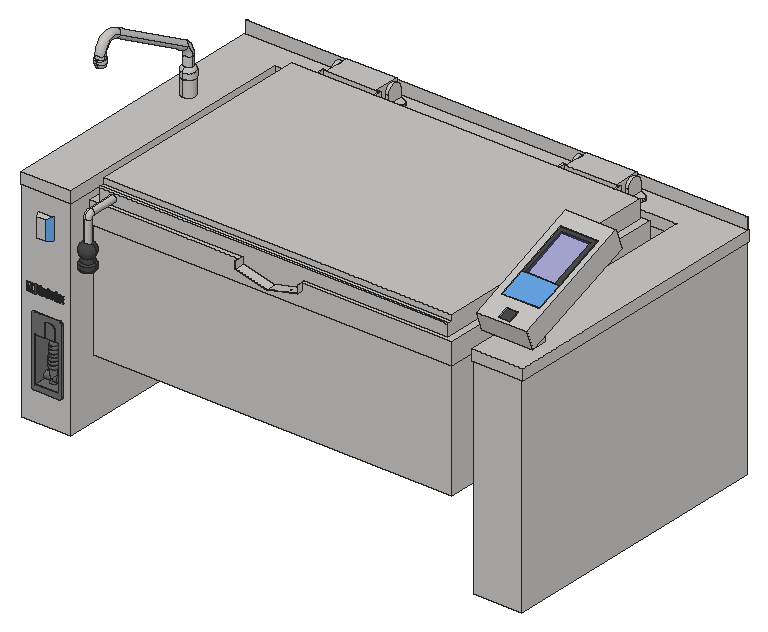
Revit family "QF_ELECTROLUXPROFESSIONAL_586296_PFET17ELEX", category Attrezzature speciali, Revit 2023
Family settings
  Quota connettore circolare = Usa raggio
  Tipo di parte = Normale
  Basato su piano di lavoro = No
  Attiva taglio nelle viste = No
  Sempre verticale = Sì
  Taglio con vuoti quando caricato = No
  Mantieni orientamento annotazione = No
  Condiviso = Sì
  Punto di calcolo locali = No
Parameters (values of type "Standard")
  Weight = 300.00 kg
  Watts = 0 W
  Volts = 400 V
  URL Manufacturer = "http://professional.electrolux.com"
  URL = "http://professional.electrolux.com"
  Steam Supply Size = 0"
  Steam Supply Minimum Pressure = 0.00 psi
  Steam Supply Maximum Pressure = 0.00 psi
  Steam Pounds per Hour = 0
  Show Logo [instance] = yes
  Refrigeration Suction Line Size = 0"
  Refrigeration Liquid Line Size = 0"
  Refrigerant Compressor Remote = yes
  Prospetto di default = 0.00 mm
  Plinth Base Finish [instance] = QF_Finishes_Concrete
  Plinth Base [instance] = not(Base Height = 500.00 mm)  # yes
  Phase = 3
  Modello = "PFET17ELES"
  Produttore = "Electrolux Professional"
  Length Actual = 1600.00 mm  # constant formula
  Item Number = "586957"
  Hot Water Size = 1/2"
  Height Actual = 700.00 mm  # constant formula
  HP = "27.6 HP"
  Gas Size = 0"
  Gas KW = 0
  Gas Input Pressure = 0.0 Btu/h
  Direct Waste Size = 0"
  Descrizione = "EL. TILTING BRAISING PAN,AUTO H/C WATER FILL INLET,SPRAY GUN, 170L,H700,COMPOUND,BS,FS,D900,REAR CLS KIT,GUID.COOK.S"
  Depth Actual = 900.00 mm  # constant formula
  Cycle = 50 Hz
  Condensate Return Size = 0"
  Compressed Air Volume = 0 GPM
  Compressed Air Size = 0"
  Compressed Air Pressure = 0.00 psi
  Cold Water Size = 1/2"
  Bracket [instance] = Base Height = 500.00 mm  # no
  Body Finish [instance] = QF_Finishes_Stainless Steel
  Base Height = 200.00 mm
  Show Clearance [instance] = yes
  Assembly Code = ""
  Accessory = yes
Reference planes
  plane 1 "BACK": y = 0
  plane 2: z = 0
  plane 3 "LEFT": x = 0
  plane 4 "RIGHT": x = 1600
  plane 5 "FRONT": y = -900
  plane 6 "TOP": z = 900
  plane 7: z = 200
  plane 8 "Center": x = 800
  plane 9: y = -450
  plane 10: y = -920
  plane 11: z = 1845
  plane 12: y = -971
  plane 13: z = 913.881
Forms (mm)
  Extrusion 1, solid, material "QF_Finishes_Stainless Steel" <- "Body Finish"
    sketch origin (0, 0, 900) x (-1, 0, 0) y (0, -1, 0)
      loop
        line (0, 0) -> (0, 900) -> (-160, 900) -> (-160, 86) -> (-1440, 86) -> (-1440, 900) -> (-1600, 900) -> (-1600, 0) -> (0, 0)
    from 0 to -35
  Extrusion 2, solid, material "QF_Finishes_Stainless Steel" <- "Body Finish"
    sketch origin (0, 0, 0) x (1, 0, 0) y (0, 0, 1)
      loop
        line (157, 865) -> (157, 500) -> (1443, 500) -> (1443, 865) -> (157, 865)
    from 3 to 83
  Extrusion 3, solid, material "QF_Finishes_Stainless Steel" <- "Body Finish"
    sketch origin (0, 0, 0) x (1, 0, 0) y (0, 0, 1)
      loop
        line (230, 454.5) -> (1370, 454.5) -> (1370, 833) -> (230, 833) -> (230, 454.5)
    from 120.7 to 895
  Extrusion 4, solid, material "QF_Finishes_Stainless Steel" <- "Body Finish"
    sketch origin (-975.299, -4572, 900) x (-1, 0, 0) y (0, -1, 0)
      loop
        line (-1300.839, -4446.3) -> (-1304.839, -4446.3) -> (-1304.839, -4467) -> (-1480.839, -4467) -> (-1480.839, -4446.3) -> (-1484.839, -4446.3) -> (-1484.839, -4471) -> (-1472.239, -4471) -> (-1472.239, -4549.945) -> (-1313.239, -4549.945) -> (-1313.239, -4471) -> (-1300.839, -4471) -> (-1300.839, -4446.3)
      loop
        line (-2249.759, -4446.3) -> (-2249.759, -4471) -> (-2237.359, -4471) -> (-2237.359, -4549.945) -> (-2078.359, -4549.945) -> (-2078.359, -4471) -> (-2065.759, -4471) -> (-2065.759, -4446.3) -> (-2069.759, -4446.3) -> (-2069.759, -4467) -> (-2245.759, -4467) -> (-2245.759, -4446.3) -> (-2249.759, -4446.3)
    from 11 to 56
  Extrusion 5, void
    sketch origin (0, -820, 0) x (1, 0, 0) y (0, 0, 1)
      loop
        line (700.793, 900) -> (700.793, 876.744) -> (800.793, 851.202) -> (900.793, 876.744) -> (900.793, 900) -> (700.793, 900)
    from 55.7 to 100
  Extrusion 6, solid, material "QF_Finishes_Stainless Steel" <- "Body Finish"
    sketch origin (337.94, -101, 900) x (0, 1, 0) y (0, 0, -1)
      loop
        line (31, 0) -> (31, -32)
        arc (31, -32) -> (54.973, -55.973) -> (78.945, -32) r 23.973
        line (78.945, -32) -> (78.945, 0) -> (31, 0)
    from 0 to 12.9
  Extrusion 7, solid, material "QF_Finishes_Stainless Steel" <- "Body Finish"
    sketch origin (509.84, -101, 900) x (0, 1, 0) y (0, 0, -1)
      loop
        line (31, 0) -> (31, -32)
        arc (31, -32) -> (54.973, -55.973) -> (78.945, -32) r 23.973
        line (78.945, -32) -> (78.945, 0) -> (31, 0)
    from 0 to 12.9
  Extrusion 8, solid, material "QF_Finishes_Stainless Steel" <- "Body Finish"
    sketch origin (862.06, -101, 900) x (0, 1, 0) y (0, 0, 1)
      loop
        line (31, 0) -> (78.945, 0) -> (78.945, 32)
        arc (78.945, 32) -> (54.973, 55.973) -> (31, 32) r 23.973
        line (31, 32) -> (31, 0)
    from 400 to 412.9
  Extrusion 9, solid, material "QF_Finishes_Stainless Steel" <- "Body Finish"
    sketch origin (690.16, -101, 900) x (0, 1, 0) y (0, 0, 1)
      loop
        line (31, 0) -> (78.945, 0) -> (78.945, 32)
        arc (78.945, 32) -> (54.973, 55.973) -> (31, 32) r 23.973
        line (31, 32) -> (31, 0)
    from 400 to 412.9
  Blend 10, solid, material "QF_Finishes_Stainless Steel" <- "Body Finish"
    base sketch origin (157, -897, 0) x (-1, 0, 0) y (0, 0, -1)
      loop
        line (100.5, -805.4) -> (100.5, -738.6) -> (53.5, -738.6) -> (53.5, -805.4) -> (100.5, -805.4)
    top sketch origin (157, -897, 0) x (-1, 0, 0) y (0, 0, -1)
      loop
        line (90.448, -802.617) -> (90.448, -741.383) -> (63.552, -741.383) -> (63.552, -802.617) -> (90.448, -802.617)
    from 0 to 20.065
  Extrusion 11, solid, material "QF_Finishes_Stainless Steel" <- "Body Finish"
    sketch origin (0, 0, 900) x (-1, 0, 0) y (0, -1, 0)
      loop
        line (-298.768, 36.346) -> (-295.234, 39.408) -> (-293.291, 43.662) -> (-293.291, 47.996) -> (-295.234, 52.592) -> (-298.768, 55.654) -> (-325.04, 70) -> (-325.04, 22) -> (-298.768, 36.346)
      loop
        line (-536.112, 36.346) -> (-509.84, 22) -> (-509.84, 70) -> (-536.112, 55.654) -> (-539.646, 52.592) -> (-541.589, 47.996) -> (-541.589, 43.662) -> (-539.646, 39.408) -> (-536.112, 36.346)
      loop
        line (-1063.888, 36.346) -> (-1060.354, 39.408) -> (-1058.411, 43.662) -> (-1058.411, 47.996) -> (-1060.354, 52.592) -> (-1063.888, 55.654) -> (-1090.16, 70) -> (-1090.16, 22) -> (-1063.888, 36.346)
      loop
        line (-1301.232, 36.346) -> (-1274.96, 22) -> (-1274.96, 70) -> (-1301.232, 55.654) -> (-1304.766, 52.592) -> (-1306.709, 47.996) -> (-1306.709, 43.662) -> (-1304.766, 39.408) -> (-1301.232, 36.346)
    from 0 to 8
  Extrusion 12, solid, material "QF_Finishes_Stainless Steel" <- "Body Finish"
    sketch origin (0, 0, 0) x (0, 1, 0) y (0, 0, 1)
      loop
        line (-875.7, 957.5) -> (-875.7, 939.75) -> (-887.664, 939.75)
        arc (-887.664, 939.75) -> (-889.835, 938.566) -> (-890.7, 936.25) r 3.536
        line (-890.7, 936.25) -> (-890.7, 900) -> (-125.7, 900) -> (-125.7, 957.5) -> (-875.7, 957.5)
    from 245.454 to 1355.493
  Revolve 13, solid, material "QF_Finishes_Stainless Steel" <- "Body Finish"
    sketch origin (-975.299, -4572, 730) x (-1, 0, 0) y (0, -1, 0)
      loop
        line (-1205.299, -4000) -> (-1138.736, -4000) -> (-1138.736, -4030) -> (-1132.299, -4030) -> (-1132.299, -3943) -> (-1205.299, -3943) -> (-1205.299, -4000)
      loop
        line (-2345.299, -4000) -> (-2345.299, -3943) -> (-2418.299, -3943) -> (-2418.299, -4030) -> (-2411.861, -4030) -> (-2411.861, -4000) -> (-2345.299, -4000)
      axis (-1132.299, -3943) -> (-2418.299, -3943)
    angle from 0 to 360
  Extrusion 14, solid, material "QF_Finishes_Stainless Steel" <- "Body Finish"
    sketch origin (-975.299, -4572, 900) x (-1, 0, 0) y (0, -1, 0)
      loop
        line (-1199.802, -4456.3) -> (-1199.802, -3667) -> (-2353.192, -3667) -> (-2353.192, -4456.3) -> (-1199.802, -4456.3)
    from -67 to 0
  Extrusion 15, solid, material "QF_Finishes_Clearance", visible <- "Show Clearance", detail levels coarse
    sketch origin (337.94, -101, 900) x (0, 1, 0) y (0, 0, -1)
      loop
        line (-159.261, -945) -> (78.945, -56) -> (-791.055, -56)
        arc (-791.055, -56) -> (-654.561, -627.998) -> (-159.261, -945) r 785.603
    from -1017.553 to 92.486
  Extrusion 16, solid, material "QF_Finishes_Clearance", visible <- "Show Clearance", detail levels coarse
    sketch origin (600, 0, 0) x (0, 1, 0) y (0, 0, 1)
      loop
        line (-885, 450.365) -> (-885, 833) -> (-905, 833) -> (-905, 900)
        arc (-905, 900) -> (-956.101, 672.465) -> (-885, 450.365) r 444.593
    from -375.497 to 777.893
  Extrusion 17, solid, material "QF_Finishes_Stainless Steel"
    sketch origin (0, 0, 386.36) x (0, 0, 1) y (1, 0, 0)
      loop
        circle (8.64, 106.204) r 6.35
      loop
        circle (8.64, 46.204) r 6.35
    from 0 to 5
  Extrusion 18, solid, material "QF_Finishes_Stainless Steel"
    sketch origin (1040, 0, 386.36) x (0, 0, 1) y (1, 0, 0)
      loop
        circle (8.64, 481.204) r 6.35
    from 0 to 5
  Extrusion 19, solid, material "QF_Finishes_Stainless Steel" <- "Body Finish"
    sketch origin (0, -100, 0) x (1, 0, 0) y (0, 1, 0)
      loop
        line (157, 97) -> (3, 97) -> (3, -797) -> (157, -797) -> (157, 97)
      loop
        line (1597, 97) -> (1443, 97) -> (1443, -797) -> (1597, -797) -> (1597, 97)
    from 200 to 865
  Extrusion 20, solid, material "Navy Blue", visible <- "Show Logo"
    sketch origin (160, -897, 0) x (-1, 0, 0) y (0, 0, -1)
      loop
        line (101.332, -593.18) -> (109.793, -593.18) -> (109.793, -583.327)
        arc (109.793, -583.327) -> (108.679, -580.639) -> (105.991, -579.525) r 3.802
        line (105.991, -579.525) -> (101.168, -579.525) -> (101.168, -581.736) -> (105.441, -581.736)
        arc (105.441, -581.736) -> (106.845, -582.21) -> (107.442, -583.566) r 1.838
        line (107.442, -583.566) -> (107.442, -585.52) -> (101.698, -585.52) -> (101.698, -587.738) -> (107.442, -587.738) -> (107.442, -590.968) -> (101.332, -590.968) -> (101.332, -593.18)
      loop
        line (99.498, -593.18) -> (99.498, -579.525) -> (97.146, -579.525) -> (97.146, -593.18) -> (99.498, -593.18)
      loop
        line (48.417, -593.18) -> (48.417, -579.525) -> (46.064, -579.525) -> (46.064, -593.18) -> (48.417, -593.18)
      loop
        line (93.257, -583.886) -> (85.539, -583.886)
        arc (85.539, -583.886) -> (86.746, -588.126) -> (90.874, -589.672) r 4.89
        arc (90.874, -589.672) -> (94.51, -587.828) -> (95.548, -583.886) r 4.976
        arc (95.548, -583.886) -> (94.182, -580.589) -> (90.886, -579.224) r 4.662
        arc (90.886, -579.224) -> (88.32, -579.602) -> (86.169, -581.05) r 5.86
        line (86.169, -581.05) -> (87.562, -582.444)
        arc (87.562, -582.444) -> (89.391, -581.347) -> (91.516, -581.531) r 3.458
        arc (91.516, -581.531) -> (92.812, -582.394) -> (93.257, -583.886) r 2.29
      loop
        line (93.198, -585.539) -> (87.902, -585.539)
        arc (87.902, -585.539) -> (88.645, -587.103) -> (90.278, -587.679) r 2.256
        arc (90.278, -587.679) -> (92.162, -587.188) -> (93.198, -585.539) r 2.64
      loop
        line (76.371, -586.524) -> (74.894, -588)
        arc (74.894, -588) -> (76.746, -589.341) -> (78.997, -589.742) r 5.117
        arc (78.997, -589.742) -> (82.429, -588.487) -> (84.231, -585.308) r 5.293
        arc (84.231, -585.308) -> (81.194, -579.733) -> (74.977, -581.018) r 5.33
        line (74.977, -581.018) -> (76.446, -582.487)
        arc (76.446, -582.487) -> (79.616, -581.438) -> (81.887, -583.886) r 3.088
        arc (81.887, -583.886) -> (81.729, -585.821) -> (80.396, -587.234) r 2.933
        arc (80.396, -587.234) -> (78.264, -587.559) -> (76.371, -586.524) r 3.369
      loop
        line (73.45, -593.18) -> (73.45, -583.849)
        arc (73.45, -583.849) -> (73.246, -582.449) -> (72.722, -581.135) r 6.031
        arc (72.722, -581.135) -> (71.044, -579.8) -> (68.918, -579.519) r 4.018
        line (68.918, -579.519) -> (68.918, -581.723)
        arc (68.918, -581.723) -> (69.55, -581.771) -> (70.139, -582.005) r 2.118
        arc (70.139, -582.005) -> (70.895, -582.804) -> (71.098, -583.886) r 1.949
        line (71.098, -583.886) -> (71.098, -587.265) -> (68.962, -587.265) -> (68.962, -589.401) -> (71.098, -589.401) -> (71.098, -593.18) -> (73.45, -593.18)
      loop
        arc (64.65, -584.717) -> (64.482, -585.701) -> (63.997, -586.574) r 2.967
        arc (63.997, -586.574) -> (62.588, -587.297) -> (61.004, -587.265) r 3.231
        line (61.004, -587.265) -> (61.004, -589.525)
        arc (61.004, -589.525) -> (63.073, -589.33) -> (64.65, -587.977) r 3.432
        line (64.65, -587.977) -> (64.65, -589.401) -> (66.983, -589.401) -> (66.983, -579.525) -> (64.65, -579.525) -> (64.65, -584.717)
      loop
        circle (55.254, -584.461) r 5.233
      loop
        circle (55.254, -584.461) r 3.172
      loop
        arc (37.582, -583.638) -> (38.162, -582.041) -> (39.738, -581.405) r 2.088
        arc (39.738, -581.405) -> (41.313, -582.041) -> (41.894, -583.638) r 2.088
        line (41.894, -583.638) -> (41.894, -589.401) -> (44.266, -589.401) -> (44.266, -583.442)
        arc (44.266, -583.442) -> (42.916, -580.365) -> (39.738, -579.275) r 4.181
        arc (39.738, -579.275) -> (36.524, -580.398) -> (35.211, -583.539) r 4.181
        line (35.211, -583.539) -> (35.211, -589.401) -> (37.582, -589.401) -> (37.582, -583.638)
      loop
        line (33.789, -589.401) -> (30.374, -584.764) -> (34.126, -579.522) -> (31.598, -579.522) -> (29.107, -583.001) -> (26.58, -579.522) -> (24.068, -579.522) -> (27.767, -584.817) -> (24.385, -589.401) -> (26.952, -589.401) -> (29.115, -586.469) -> (31.245, -589.401) -> (33.789, -589.401)
      loop
        line (108.47, -573.865) -> (110.346, -573.865) -> (110.346, -569.143) -> (109.319, -569.143) -> (109.319, -570.769) -> (108.185, -570.769)
        arc (108.185, -570.769) -> (106.916, -572.447) -> (108.47, -573.865) r 1.561
      loop
        arc (108.23, -571.697) -> (107.841, -572.304) -> (108.23, -572.911) r 0.668
        line (108.23, -572.911) -> (109.319, -572.911) -> (109.319, -571.697) -> (108.23, -571.697)
      loop
        line (101.061, -573.865) -> (102.968, -573.865) -> (102.968, -569.143) -> (101.942, -569.143) -> (101.942, -570.769) -> (100.949, -570.769) -> (100.27, -569.143) -> (99.168, -569.143) -> (100.097, -571.134)
        arc (100.097, -571.134) -> (99.652, -571.665) -> (99.502, -572.343) r 1.458
        arc (99.502, -572.343) -> (99.971, -573.421) -> (101.061, -573.865) r 1.559
      loop
        line (101.942, -572.911) -> (101.942, -571.697) -> (100.852, -571.697)
        arc (100.852, -571.697) -> (100.464, -572.304) -> (100.852, -572.911) r 0.668
        line (100.852, -572.911) -> (101.942, -572.911)
      loop
        circle (93.139, -571.504) r 2.453
      loop
        circle (93.139, -571.504) r 1.557
      loop
        line (86.655, -573.865) -> (86.655, -569.143) -> (85.654, -569.143) -> (85.654, -570.793) -> (83.876, -570.793) -> (83.876, -571.851) -> (85.654, -571.851) -> (85.654, -572.847) -> (83.706, -572.847) -> (83.706, -573.865) -> (86.655, -573.865)
      loop
        line (79.724, -573.865) -> (79.724, -570.677)
        arc (79.724, -570.677) -> (79.288, -569.596) -> (78.213, -569.146) r 1.51
        line (78.213, -569.146) -> (76.689, -569.146) -> (76.689, -570.038) -> (78.122, -570.038)
        arc (78.122, -570.038) -> (78.65, -570.475) -> (78.753, -571.151) r 0.961
        line (78.753, -571.151) -> (76.866, -571.151) -> (76.866, -572.043) -> (78.753, -572.043) -> (78.753, -572.973) -> (76.735, -572.973) -> (76.735, -573.865) -> (79.724, -573.865)
      loop
        arc (62.624, -573.267) -> (63.249, -573.78) -> (64.041, -573.943) r 1.69
        arc (64.041, -573.943) -> (64.773, -573.764) -> (65.374, -573.31) r 1.872
        arc (65.374, -573.31) -> (65.486, -572.238) -> (64.794, -571.411) r 1.385
        arc (64.794, -571.411) -> (64.212, -571.217) -> (63.66, -570.95) r 4.78
        arc (63.66, -570.95) -> (63.312, -570.539) -> (63.552, -570.057) r 0.489
        arc (63.552, -570.057) -> (63.998, -569.952) -> (64.442, -570.065) r 0.963
        arc (64.442, -570.065) -> (64.826, -570.341) -> (65.061, -570.752) r 1.118
        line (65.061, -570.752) -> (65.887, -570.367)
        arc (65.887, -570.367) -> (65.589, -569.793) -> (65.11, -569.36) r 1.815
        arc (65.11, -569.36) -> (64.566, -569.127) -> (63.978, -569.068) r 1.957
        arc (63.978, -569.068) -> (63.25, -569.213) -> (62.595, -569.561) r 2.556
        arc (62.595, -569.561) -> (62.305, -570.331) -> (62.455, -571.139) r 1.535
        arc (62.455, -571.139) -> (62.778, -571.512) -> (63.19, -571.781) r 1.779
        arc (63.19, -571.781) -> (63.712, -572.014) -> (64.248, -572.215) r 9.371
        arc (64.248, -572.215) -> (64.557, -572.696) -> (64.11, -573.053) r 0.427
        arc (64.11, -573.053) -> (63.575, -572.924) -> (63.163, -572.558) r 1.135
        line (63.163, -572.558) -> (62.624, -573.267)
      loop
        line (58.291, -573.865) -> (58.291, -569.146) -> (57.321, -569.146) -> (57.321, -573.865) -> (58.291, -573.865)
      loop
        circle (50.779, -571.506) r 1.468
      loop
        circle (50.779, -571.506) r 2.451
      loop
        line (44.27, -569.146) -> (43.289, -569.146) -> (43.289, -572.113) -> (41.131, -569.146) -> (40.187, -569.146) -> (40.187, -573.865) -> (41.168, -573.865) -> (41.168, -570.808) -> (43.326, -573.865) -> (44.27, -573.865) -> (44.27, -569.146)
      loop
        line (35.295, -569.146) -> (34.836, -570.164) -> (33.09, -570.164) -> (32.631, -569.146) -> (31.588, -569.146) -> (33.581, -573.865) -> (34.491, -573.865) -> (36.337, -569.146) -> (35.295, -569.146)
      loop
        line (33.526, -571.132) -> (33.993, -572.169) -> (34.447, -571.132) -> (33.526, -571.132)
      loop
        line (26.769, -570.038) -> (26.769, -573.865) -> (27.739, -573.865) -> (27.739, -569.146) -> (24.954, -569.146) -> (24.954, -570.038) -> (26.769, -570.038)
      loop
        arc (69.698, -573.267) -> (70.324, -573.78) -> (71.116, -573.943) r 1.69
        arc (71.116, -573.943) -> (71.847, -573.764) -> (72.449, -573.31) r 1.872
        arc (72.449, -573.31) -> (72.56, -572.238) -> (71.868, -571.411) r 1.385
        arc (71.868, -571.411) -> (71.287, -571.217) -> (70.735, -570.95) r 4.78
        arc (70.735, -570.95) -> (70.386, -570.539) -> (70.627, -570.057) r 0.489
        arc (70.627, -570.057) -> (71.073, -569.952) -> (71.517, -570.065) r 0.963
        arc (71.517, -570.065) -> (71.901, -570.341) -> (72.136, -570.752) r 1.118
        line (72.136, -570.752) -> (72.961, -570.367)
        arc (72.961, -570.367) -> (72.664, -569.793) -> (72.184, -569.36) r 1.815
        arc (72.184, -569.36) -> (71.64, -569.127) -> (71.052, -569.068) r 1.957
        arc (71.052, -569.068) -> (70.325, -569.213) -> (69.669, -569.561) r 2.556
        arc (69.669, -569.561) -> (69.38, -570.331) -> (69.529, -571.139) r 1.535
        arc (69.529, -571.139) -> (69.852, -571.512) -> (70.265, -571.781) r 1.779
        arc (70.265, -571.781) -> (70.787, -572.014) -> (71.322, -572.215) r 9.371
        arc (71.322, -572.215) -> (71.632, -572.696) -> (71.185, -573.053) r 0.427
        arc (71.185, -573.053) -> (70.649, -572.924) -> (70.238, -572.558) r 1.135
        line (70.238, -572.558) -> (69.698, -573.267)
      loop
        line (124.467, -593.367) -> (124.467, -568.534)
        arc (124.467, -568.534) -> (115.287, -580.95) -> (124.467, -593.367) r 12.987
      loop
        arc (125.423, -593.446) -> (135.891, -591.227) -> (141.022, -581.837) r 12.809
        line (141.022, -581.837) -> (135.422, -581.837)
        arc (135.422, -581.837) -> (128.84, -585.012) -> (125.423, -591.472) r 11.707
        line (125.423, -591.472) -> (125.423, -593.446)
      loop
        arc (125.73, -570.332) -> (129.585, -577.251) -> (136.925, -580.23) r 11.93
        line (136.925, -580.23) -> (141.033, -580.23)
        arc (141.033, -580.23) -> (136.066, -570.804) -> (125.73, -568.215) r 13.06
        line (125.73, -568.215) -> (125.73, -570.332)
      loop
        line (141.976, -594.722) -> (141.976, -567.122) -> (114.339, -567.122) -> (114.339, -594.722) -> (141.976, -594.722)
    from 0 to 0.697
  Extrusion 21, void
    sketch origin (0, -900, 0) x (1, 0, 0) y (0, 0, 1)
      loop
        line (125.4, 500.944) -> (43.4, 500.944) -> (43.4, 305.944) -> (125.4, 305.944) -> (125.4, 500.944)
    from 0 to -63
  Extrusion 22, solid, material "QF_Finishes_Stainless Steel"
    sketch origin (800, -100, 0) x (0, 1, 0) y (0, 0, 1)
      loop
        line (98, 937.998) -> (98, 900) -> (100, 900) -> (100, 937.998) -> (98, 937.998)
    from 800 to -800
  Sweep 23, solid, material "QF_Finishes_Stainless Steel" <- "Body Finish"
    path origin (287.634, 6.8, 0) x (0, 1, 0) y (0, 0, 1)
      loop
        line (-897.5, 920) -> (-985.5, 920)
        arc (-985.5, 920) -> (-994.07, 916.45) -> (-997.619, 907.881) r 12.119
        line (-997.619, 907.881) -> (-997.619, 837.881)
    profile origin (287.634, -934.7, 920) x (0, 0, -1) y (1, 0, 0)
      loop
        circle (0, 0) r 10
  Revolve 24, solid, material "QF_Finishes_Black"
    sketch origin (-0.343, -990.819, 0) x (1, 0, 0) y (0, 0, 1)
      loop
        line (287.976, 837.881) -> (287.976, 762.881) -> (307.976, 762.881)
        arc (307.976, 762.881) -> (311.512, 764.345) -> (312.976, 767.881) r 5
        line (312.976, 767.881) -> (312.976, 780.536) -> (307.064, 786.449) -> (305.844, 800.394)
        arc (305.844, 800.394) -> (312.515, 822.659) -> (297.976, 840.794) r 25
        line (297.976, 840.794) -> (297.976, 837.881) -> (287.976, 837.881)
      axis (287.976, 762.881) -> (287.976, 840.794)
    angle from 0 to 360
  Extrusion 25, solid, material "QF_Finishes_Stainless Steel" <- "Body Finish"
    sketch origin (0, -900, 0) x (1, 0, 0) y (0, 0, 1)
      loop
        line (700.793, 900) -> (700.793, 876.744) -> (800.793, 851.202) -> (900.793, 876.744) -> (900.793, 900) -> (898.793, 900) -> (898.793, 878.297) -> (800.793, 853.267) -> (702.793, 878.297) -> (702.793, 900) -> (700.793, 900)
    from -24.3 to 20
  Extrusion 26, solid, material "QF_Finishes_Stainless Steel" <- "Body Finish"
    sketch origin (0, -900, 0) x (1, 0, 0) y (0, 0, 1)
      loop
        line (704.793, 900) -> (704.793, 879.85) -> (800.793, 855.331) -> (896.793, 879.85) -> (896.793, 900) -> (704.793, 900)
    from -24.3 to -9.3
Cuts and joins
  Extrusion 5 cuts Extrusion 14
  joined: Extrusion 3, Extrusion 12, Extrusion 14, Extrusion 25, Extrusion 26
  Extrusion 21 cuts Extrusion 19
Lines and regions (mm)
  symbolic lines
    curve 1: line (1600, 0, 900) -> (0, 0, 900)
    curve 2: line (1600, -900, 900) -> (1600, 0, 900)
    curve 3: line (1440, -900, 900) -> (1600, -900, 900)
    curve 4: line (1440, -86, 900) -> (1440, -900, 900)
    curve 5: line (0, 0, 900) -> (0, -900, 900)
    curve 6: line (160, -900, 900) -> (160, -86, 900)
    curve 7: line (0, -900, 900) -> (160, -900, 900)
    curve 8: line (160, -86, 900) -> (337.94, -86, 900)
    curve 9: line (496.94, -86, 900) -> (1103.06, -86, 900)
    curve 10: line (1262.06, -86, 900) -> (1440, -86, 900)
    curve 11: line (224.503, -115.7, 900) -> (325.54, -115.7, 900)
    curve 12: line (329.54, -115.7, 900) -> (505.54, -115.7, 900)
    curve 13: line (509.54, -115.7, 900) -> (1090.46, -115.7, 900)
    curve 14: line (1094.46, -115.7, 900) -> (1270.46, -115.7, 900)
    curve 15: line (1377.893, -115.7, 900) -> (1274.46, -115.7, 900)
    curve 16: line (1377.893, -115.7, 900) -> (1377.893, -905, 900)
    curve 17: line (224.503, -115.7, 900) -> (224.503, -905, 900)
    curve 18: line (1440, -572, 900) -> (1377.893, -572, 900)
    curve 19: line (1440, -686, 900) -> (1377.893, -686, 900)
    curve 20: line (160, -572, 900) -> (224.503, -572, 900)
    curve 21: line (160, -686, 900) -> (224.503, -686, 900)
    curve 29: line (0, -2, 0) -> (1600, -2, 0)
    curve 30: line (277.634, -890.7, 0) -> (277.634, -990.819, 0)
    curve 31: line (297.634, -890.7, 0) -> (297.634, -990.819, 0)
    curve 32: arc (277.634, -990.819, 0) -> (287.634, -1000.819, 0) -> (297.634, -990.819, 0) r 10
    curve 33: arc (277.634, -967.907, 0) -> (287.634, -1015.819, 0) -> (297.634, -967.907, 0) r 25
    curve 34: line (224.503, -905, 0) -> (277.634, -905, 0)
    curve 35: line (297.634, -905, 0) -> (700.793, -905, 0)
    curve 36: line (700.793, -920, 0) -> (700.793, -890.7, 0)
    curve 37: line (700.793, -920, 0) -> (900.793, -920, 0)
    curve 38: line (900.793, -920, 0) -> (900.793, -890.7, 0)
    curve 39: line (898.793, -890.7, 0) -> (898.793, -920.7, 0)
    curve 40: line (702.793, -890.7, 0) -> (702.793, -920, 0)
    curve 41: line (800.793, -920, 0) -> (800.793, -890.7, 0)
    curve 42: line (245.454, -875.7, 0) -> (1355.493, -875.7, 0)
    curve 43: line (245.454, -125.7, 0) -> (245.454, -890.7, 0)
    curve 44: line (1355.493, -890.7, 0) -> (1355.493, -125.7, 0)
    curve 45: line (1355.493, -125.7, 0) -> (245.454, -125.7, 0)
    curve 46: line (1355.493, -890.7, 0) -> (245.454, -890.7, 0)
    curve 47: line (1377.893, -905, 0) -> (900.793, -905, 0)
  symbolic lines, style "QF-Clearances", visible <- "Show Clearance", detail levels coarse
    curve 22: line (550, -550, 900) -> (1050, -550, 900)
    curve 23: line (550, -1750, 900) -> (550, -550, 900)
    curve 24: line (1050, -1750, 900) -> (550, -1750, 900)
    curve 25: line (1050, -550, 900) -> (1050, -1750, 900)
    curve 26: line (550, -1150, 900) -> (750, -1750, 900)
    curve 27: line (1050, -1150, 900) -> (850, -1750, 900)
    curve 28: circle (800, -1700, 900) r 25 normal (0, 0, 1)
Dimensions and locks
  plane 3 "LEFT" to plane 4 "RIGHT" = 1600.00 mm
  plane 4 "RIGHT" to plane 3 "LEFT" = 1600.00 mm
  plane 1 "BACK" to plane 5 "FRONT" = 900.00 mm
  plane 5 "FRONT" to plane 1 "BACK" = 900.00 mm
  plane 6 "TOP" to level = 900.00 mm
  "Base Height": plane 7 to level
  equal spacing: plane 5 "FRONT", plane 9, plane 1 "BACK"
  equal spacing: plane 3 "LEFT", plane 8 "Center", plane 4 "RIGHT"
  plane 10 to plane 1 "BACK" = 920.00 mm
  plane 6 "TOP" to Extrusion 3 sketch curve to Extrusion 3 sketch curve = 67.00 mm locked, 378.50 mm locked
  locked: cut or joined group of Extrusion 3, Extrusion 5, Extrusion 12, Extrusion 14, Extrusion 25, Extrusion 26 to plane 4 "RIGHT" at 244.507
  Extrusion 11 sketch curve to Extrusion 11 sketch curve to Extrusion 6 to Extrusion 4 to Extrusion 11 sketch curve to Extrusion 11 sketch curve = 31.749 mm locked, 12.90 mm locked, 159.00 mm locked, 12.90 mm locked, 31.749 mm locked
  plane 4 "RIGHT" to Extrusion 8 to Extrusion 8 to Extrusion 9 to Extrusion 9 = 325.04 mm locked, 12.90 mm locked, 159.00 mm locked, 12.90 mm locked
  Extrusion 7 to Extrusion 7 to Extrusion 6 to Extrusion 6 to plane 3 "LEFT" = 12.90 mm locked, 159.00 mm locked, 12.90 mm locked, 325.04 mm locked
  Extrusion 11 sketch curve to Extrusion 11 sketch curve to Extrusion 11 sketch curve to Extrusion 11 sketch curve to plane 4 "RIGHT" = 31.749 mm locked, 184.80 mm locked, 31.749 mm locked, 293.291 mm locked
  Extrusion 4 sketch curve to Extrusion 4 sketch curve to Extrusion 4 sketch curve to Extrusion 4 sketch curve to Extrusion 4 sketch curve to Extrusion 4 sketch curve to plane 4 "RIGHT" = 4.00 mm locked, 8.60 mm locked, 159.00 mm locked, 8.40 mm locked, 4.00 mm locked, 325.54 mm locked
  Extrusion 5 sketch curve to plane 8 "Center" to Extrusion 5 sketch curve = 100.793 mm locked, 99.207 mm locked
  Extrusion 12 sketch curve to Extrusion 12 sketch curve to Extrusion 12 sketch curve to plane 5 "FRONT" = 11.964 mm locked, 3.036 mm locked, 9.30 mm locked
  Extrusion 14 sketch curve to plane 5 "FRONT" = 5.00 mm
  cut or joined group of Extrusion 3, Extrusion 5, Extrusion 12, Extrusion 14, Extrusion 25, Extrusion 26 to cut or joined group of Extrusion 3, Extrusion 5, Extrusion 12, Extrusion 14, Extrusion 25, Extrusion 26 to cut or joined group of Extrusion 3, Extrusion 5, Extrusion 12, Extrusion 14, Extrusion 25, Extrusion 26 = 0.00 mm locked, 29.30 mm locked
  plane 6 "TOP" to Extrusion 2 sketch curve to Extrusion 2 sketch curve = 35.00 mm locked, 365.00 mm locked
  plane 11 to plane 6 "TOP" = 945.00 mm
  plane 1 "BACK" to plane 12 = 971.00 mm
  locked: Extrusion 16 to plane 4 "RIGHT" at 222.107
  Extrusion 16 sketch curve to Extrusion 16 sketch curve to Extrusion 16 sketch curve to cut or joined group of Extrusion 3, Extrusion 5, Extrusion 12, Extrusion 14, Extrusion 25, Extrusion 26 = 51.54 mm locked, 20.00 mm locked, 9.30 mm locked
  Extrusion 16 sketch curve to Extrusion 16 sketch curve to Extrusion 16 sketch curve = 67.00 mm locked, 382.635 mm locked
  Sweep 23 sketch curve to Sweep 23 sketch curve to Sweep 23 sketch curve = 88.00 mm, 12.119 mm locked
  aligned and locked: level to plane 2
  aligned: plane 6 "TOP" to Extrusion 1
  aligned and locked: plane 6 "TOP" to Extrusion 1
  aligned and locked: Revolve 13 to cut or joined group of Extrusion 3, Extrusion 5, Extrusion 12, Extrusion 14, Extrusion 25, Extrusion 26
  aligned and locked: cut or joined group of Extrusion 3, Extrusion 5, Extrusion 12, Extrusion 14, Extrusion 25, Extrusion 26 to Revolve 13
  aligned: cut or joined group of Extrusion 3, Extrusion 5, Extrusion 12, Extrusion 14, Extrusion 25, Extrusion 26 to plane 10
  aligned: Extrusion 2 to cut or joined group of Extrusion 3, Extrusion 5, Extrusion 12, Extrusion 14, Extrusion 25, Extrusion 26
  aligned and locked: Extrusion 15 to cut or joined group of Extrusion 3, Extrusion 5, Extrusion 12, Extrusion 14, Extrusion 25, Extrusion 26  (x2)
  aligned and locked: Extrusion 4 to curve 9  (x2)
  aligned and locked: curve 8 to Extrusion 1
  aligned and locked: Extrusion 4 to curve 13  (x2)
  aligned and locked: Extrusion 4 to curve 12  (x2)
  aligned and locked: Extrusion 4 to curve 11
  aligned and locked: curve 6 to Extrusion 1
  aligned and locked: Extrusion 4 to curve 14
Automatic sketch dimensions
  plane 1 "BACK" to Extrusion 1 sketch curve = 0.00 mm
  Extrusion 1 sketch curve to plane 4 "RIGHT" = 0.00 mm
  plane 5 "FRONT" to Extrusion 1 sketch curve = 0.00 mm  (x2)
  Extrusion 1 sketch curve to plane 3 "LEFT" = 0.00 mm
  Extrusion 1 sketch curve to plane 4 "RIGHT" = 160.00 mm
  plane 3 "LEFT" to Extrusion 1 sketch curve = 160.00 mm
  plane 1 "BACK" to Extrusion 1 sketch curve = 86.00 mm
  plane 3 "LEFT" to Extrusion 2 sketch curve = 157.00 mm
  Extrusion 2 sketch curve to plane 4 "RIGHT" = 157.00 mm
  plane 3 "LEFT" to Extrusion 3 sketch curve = 230.00 mm
  Extrusion 3 sketch curve to plane 4 "RIGHT" = 230.00 mm
  plane 1 "BACK" to Extrusion 4 sketch curve = 101.00 mm
  Extrusion 4 sketch curve to plane 8 "Center" = 290.46 mm
  Extrusion 4 sketch curve to Extrusion 4 sketch curve = 4.00 mm  (x4)
  Extrusion 4 sketch curve to Extrusion 4 sketch curve = 8.60 mm
  plane 1 "BACK" to Extrusion 4 sketch curve = 22.055 mm  (x2)
  Extrusion 4 sketch curve to Extrusion 4 sketch curve = 159.00 mm
  Extrusion 4 sketch curve to Extrusion 4 sketch curve = 8.40 mm
  Extrusion 4 sketch curve to Extrusion 4 sketch curve = 78.945 mm  (x3)
  Extrusion 4 sketch curve to Extrusion 4 sketch curve = 20.70 mm  (x4)
  plane 8 "Center" to Extrusion 5 sketch curve = 0.793 mm
  Extrusion 5 sketch curve to plane 6 "TOP" = 48.798 mm
  Extrusion 5 sketch curve to plane 6 "TOP" = 23.256 mm  (x2)
  plane 6 "TOP" to Extrusion 5 sketch curve = 0.00 mm
  Extrusion 6 sketch curve to Extrusion 4 = 0.00 mm
  Extrusion 4 to Extrusion 6 sketch curve = 23.973 mm
  Extrusion 4 to Extrusion 6 sketch curve = 21.00 mm
  Extrusion 6 sketch curve to Extrusion 4 = 11.00 mm
  Extrusion 7 sketch curve to plane 6 "TOP" = 0.00 mm
  plane 1 "BACK" to Extrusion 7 sketch curve = 70.00 mm
  Extrusion 7 sketch curve to Extrusion 7 sketch curve = 23.973 mm
  plane 6 "TOP" to Extrusion 7 sketch curve = 32.00 mm
  Extrusion 8 sketch curve to plane 6 "TOP" = 0.00 mm
  plane 1 "BACK" to Extrusion 8 sketch curve = 70.00 mm
  Extrusion 8 sketch curve to Extrusion 8 sketch curve = 23.973 mm
  Extrusion 8 sketch curve to Extrusion 8 sketch curve = 32.00 mm
  Extrusion 9 sketch curve to plane 6 "TOP" = 0.00 mm
  plane 1 "BACK" to Extrusion 9 sketch curve = 70.00 mm
  Extrusion 9 sketch curve to Extrusion 9 sketch curve = 23.973 mm
  Extrusion 9 sketch curve to Extrusion 9 sketch curve = 32.00 mm
  plane 3 "LEFT" to Blend 10 sketch curve = 103.50 mm
  Blend 10 sketch curve to Blend 10 sketch curve = 47.00 mm
  Blend 10 sketch curve to plane 6 "TOP" = 94.60 mm
  Blend 10 sketch curve to Blend 10 sketch curve = 66.80 mm
  plane 3 "LEFT" to Blend 10 sketch curve = 93.448 mm
  Blend 10 sketch curve to Blend 10 sketch curve = 26.896 mm
  Blend 10 sketch curve to plane 6 "TOP" = 97.383 mm
  Blend 10 sketch curve to Blend 10 sketch curve = 61.233 mm
  plane 1 "BACK" to Extrusion 11 sketch curve = 52.592 mm  (x4)
  Extrusion 11 sketch curve to Extrusion 11 sketch curve = 1.943 mm  (x4)
  plane 1 "BACK" to Extrusion 11 sketch curve = 39.408 mm  (x4)
  plane 1 "BACK" to Extrusion 11 sketch curve = 36.346 mm  (x4)
  Extrusion 11 sketch curve to Extrusion 11 sketch curve = 3.534 mm  (x8)
  plane 1 "BACK" to Extrusion 11 sketch curve = 55.654 mm  (x4)
  Extrusion 11 sketch curve to Extrusion 11 sketch curve = 5.477 mm  (x4)
  plane 1 "BACK" to Extrusion 11 sketch curve = 22.00 mm  (x4)
  Extrusion 11 sketch curve to Extrusion 11 sketch curve = 4.254 mm  (x4)
  Extrusion 11 sketch curve to Extrusion 11 sketch curve = 4.334 mm  (x4)
  Extrusion 11 sketch curve to Extrusion 11 sketch curve = 14.346 mm  (x4)
  Extrusion 12 sketch curve to plane 6 "TOP" = 0.00 mm
  Extrusion 12 sketch curve to Extrusion 12 sketch curve = 3.536 mm
  plane 1 "BACK" to Extrusion 12 sketch curve = 125.70 mm
  Extrusion 12 sketch curve to Extrusion 12 sketch curve = 36.25 mm
  Extrusion 12 sketch curve to Extrusion 12 sketch curve = 57.50 mm
  Revolve 13 sketch curve to plane 4 "RIGHT" = 157.00 mm
  Revolve 13 sketch curve to Revolve 13 sketch curve = 6.437 mm  (x2)
  Revolve 13 sketch curve to Revolve 13 sketch curve = 66.563 mm  (x2)
  plane 3 "LEFT" to Revolve 13 sketch curve = 230.00 mm
  Revolve 13 sketch curve to plane 9 = 92.00 mm  (x2)
  Revolve 13 sketch curve to Revolve 13 sketch curve = 30.00 mm  (x2)
  Revolve 13 sketch curve to Revolve 13 sketch curve = 57.00 mm  (x2)
  Revolve 13 sketch curve to Revolve 13 sketch curve = 5.497 mm  (x2)
  Revolve 13 sketch curve to Revolve 13 sketch curve = 0.00 mm
  Extrusion 14 sketch curve to plane 4 "RIGHT" = 222.107 mm
  plane 3 "LEFT" to Extrusion 14 sketch curve = 224.503 mm
  plane 1 "BACK" to Extrusion 14 sketch curve = 115.70 mm
  Extrusion 4 to Extrusion 15 sketch curve = 0.00 mm
  Extrusion 15 sketch curve to Extrusion 4 = 0.00 mm
  Extrusion 4 to Extrusion 15 sketch curve = 14.199 mm
  Extrusion 4 to Extrusion 15 sketch curve = 159.261 mm
  Extrusion 15 sketch curve to Extrusion 15 sketch curve = 776.856 mm
  Extrusion 15 sketch curve to Extrusion 4 = 116.906 mm
  Extrusion 16 sketch curve to plane 6 "TOP" = 0.00 mm
  curve 28 to plane 8 "Center" = 0.00 mm
  curve 25 to plane 9 = 100.00 mm
  plane 8 "Center" to curve 25 = 250.00 mm
  curve 23 to plane 8 "Center" = 250.00 mm
  plane 12 to curve 28 = 729.00 mm
  curve 28 to curve 23 = 50.00 mm
  plane 8 "Center" to curve 27 = 50.00 mm
  curve 26 to plane 8 "Center" = 50.00 mm
  plane 12 to curve 27 = 179.00 mm
  plane 12 to curve 26 = 179.00 mm
  plane 3 "LEFT" to Extrusion 19 sketch curve = 3.00 mm
  plane 1 "BACK" to Extrusion 19 sketch curve = 3.00 mm  (x2)
  Extrusion 19 sketch curve to Extrusion 19 sketch curve = 154.00 mm
  Extrusion 19 sketch curve to plane 4 "RIGHT" = 157.00 mm
  Extrusion 19 sketch curve to plane 4 "RIGHT" = 3.00 mm
  Extrusion 19 sketch curve to plane 5 "FRONT" = 3.00 mm  (x2)
  Extrusion 20 sketch curve to Extrusion 20 sketch curve = 0.00 mm  (x33)
  plane 3 "LEFT" to Extrusion 20 sketch curve = 135.932 mm
  Extrusion 20 sketch curve to Extrusion 20 sketch curve = 0.317 mm
  Extrusion 20 sketch curve to Extrusion 20 sketch curve = 0.886 mm
  Extrusion 20 sketch curve to Extrusion 20 sketch curve = 2.512 mm
  Extrusion 20 sketch curve to Extrusion 20 sketch curve = 1.815 mm
  Extrusion 20 sketch curve to Extrusion 20 sketch curve = 2.567 mm
  Extrusion 20 sketch curve to Extrusion 20 sketch curve = 0.97 mm  (x3)
  Extrusion 20 sketch curve to Extrusion 20 sketch curve = 0.815 mm  (x2)
  Extrusion 20 sketch curve to Extrusion 20 sketch curve = 1.341 mm
  Extrusion 20 sketch curve to Extrusion 20 sketch curve = 1.348 mm
  Extrusion 20 sketch curve to Extrusion 20 sketch curve = 1.259 mm
  Extrusion 20 sketch curve to Extrusion 20 sketch curve = 2.13 mm
  Extrusion 20 sketch curve to Extrusion 20 sketch curve = 3.849 mm
  Extrusion 20 sketch curve to Extrusion 20 sketch curve = 2.49 mm
  Extrusion 20 sketch curve to Extrusion 20 sketch curve = 1.043 mm
  Extrusion 20 sketch curve to Extrusion 20 sketch curve = 0.46 mm  (x2)
  Extrusion 20 sketch curve to Extrusion 20 sketch curve = 0.435 mm
  Extrusion 20 sketch curve to Extrusion 20 sketch curve = 0.055 mm  (x2)
  Extrusion 20 sketch curve to Extrusion 20 sketch curve = 2.544 mm
  Extrusion 20 sketch curve to Extrusion 20 sketch curve = 0.468 mm
  Extrusion 20 sketch curve to Extrusion 20 sketch curve = 2.528 mm
  Extrusion 20 sketch curve to Extrusion 20 sketch curve = 0.922 mm
  Extrusion 20 sketch curve to Extrusion 20 sketch curve = 0.91 mm
  Extrusion 20 sketch curve to Extrusion 20 sketch curve = 0.388 mm
  Extrusion 20 sketch curve to Extrusion 20 sketch curve = 1.422 mm
  Extrusion 20 sketch curve to Extrusion 20 sketch curve = 1.042 mm
  Extrusion 20 sketch curve to Extrusion 20 sketch curve = 2.371 mm
  Extrusion 20 sketch curve to Extrusion 20 sketch curve = 1.809 mm  (x2)
  Extrusion 20 sketch curve to Extrusion 20 sketch curve = 0.273 mm  (x2)
  Extrusion 20 sketch curve to Extrusion 20 sketch curve = 0.147 mm
  Extrusion 20 sketch curve to Extrusion 20 sketch curve = 5.696 mm
  Extrusion 20 sketch curve to Extrusion 20 sketch curve = 0.943 mm
  Extrusion 20 sketch curve to Extrusion 20 sketch curve = 0.037 mm  (x3)
  Extrusion 20 sketch curve to Extrusion 20 sketch curve = 2.122 mm
  Extrusion 20 sketch curve to Extrusion 20 sketch curve = 2.372 mm
  Extrusion 20 sketch curve to Extrusion 20 sketch curve = 0.944 mm
  Extrusion 20 sketch curve to Extrusion 20 sketch curve = 1.799 mm
  Extrusion 20 sketch curve to Extrusion 20 sketch curve = 2.353 mm
  Extrusion 20 sketch curve to Extrusion 20 sketch curve = 6.509 mm
  Extrusion 20 sketch curve to Extrusion 20 sketch curve = 6.836 mm
  Extrusion 20 sketch curve to Extrusion 20 sketch curve = 2.068 mm
  Extrusion 20 sketch curve to Extrusion 20 sketch curve = 5.751 mm
  Extrusion 20 sketch curve to Extrusion 20 sketch curve = 0.679 mm
  Extrusion 20 sketch curve to Extrusion 20 sketch curve = 0.728 mm
  Extrusion 20 sketch curve to Extrusion 20 sketch curve = 0.178 mm
  Extrusion 20 sketch curve to Extrusion 20 sketch curve = 4.332 mm
  Extrusion 20 sketch curve to Extrusion 20 sketch curve = 0.539 mm  (x2)
  Extrusion 20 sketch curve to Extrusion 20 sketch curve = 0.634 mm  (x2)
  Extrusion 20 sketch curve to Extrusion 20 sketch curve = 0.036 mm  (x2)
  Extrusion 20 sketch curve to Extrusion 20 sketch curve = 0.114 mm  (x2)
  Extrusion 20 sketch curve to Extrusion 20 sketch curve = 0.807 mm  (x2)
  Extrusion 20 sketch curve to Extrusion 20 sketch curve = 0.007 mm  (x2)
  Extrusion 20 sketch curve to Extrusion 20 sketch curve = 0.156 mm  (x2)
  Extrusion 20 sketch curve to Extrusion 20 sketch curve = 0.005 mm  (x2)
  Extrusion 20 sketch curve to Extrusion 20 sketch curve = 0.083 mm  (x2)
  Extrusion 20 sketch curve to Extrusion 20 sketch curve = 0.13 mm  (x3)
  Extrusion 20 sketch curve to Extrusion 20 sketch curve = 0.009 mm  (x2)
  Extrusion 20 sketch curve to Extrusion 20 sketch curve = 0.159 mm  (x2)
  Extrusion 20 sketch curve to Extrusion 20 sketch curve = 0.075 mm  (x2)
  Extrusion 20 sketch curve to Extrusion 20 sketch curve = 0.025 mm  (x2)
  Extrusion 20 sketch curve to Extrusion 20 sketch curve = 2.918 mm
  Extrusion 20 sketch curve to Extrusion 20 sketch curve = 2.789 mm
  Extrusion 20 sketch curve to Extrusion 20 sketch curve = 0.908 mm  (x2)
  Extrusion 20 sketch curve to Extrusion 20 sketch curve = 0.826 mm  (x2)
  Extrusion 20 sketch curve to Extrusion 20 sketch curve = 0.126 mm  (x2)
  Extrusion 20 sketch curve to Extrusion 20 sketch curve = 2.333 mm
  Extrusion 20 sketch curve to Extrusion 20 sketch curve = 1.257 mm  (x2)
  Extrusion 20 sketch curve to Extrusion 20 sketch curve = 2.771 mm
  Extrusion 20 sketch curve to Extrusion 20 sketch curve = 1.497 mm
  Extrusion 20 sketch curve to Extrusion 20 sketch curve = 1.979 mm
  Extrusion 20 sketch curve to Extrusion 20 sketch curve = 1.653 mm
  Extrusion 20 sketch curve to Extrusion 20 sketch curve = 0.085 mm
  Extrusion 20 sketch curve to Extrusion 20 sketch curve = 0.315 mm
  Extrusion 20 sketch curve to Extrusion 20 sketch curve = 3.811 mm
  Extrusion 20 sketch curve to Extrusion 20 sketch curve = 2.136 mm  (x2)
  Extrusion 20 sketch curve to Extrusion 20 sketch curve = 2.352 mm  (x2)
  Extrusion 20 sketch curve to Extrusion 20 sketch curve = 3.797 mm
  Extrusion 20 sketch curve to Extrusion 20 sketch curve = 1.528 mm
  Extrusion 20 sketch curve to Extrusion 20 sketch curve = 1.476 mm  (x2)
  Extrusion 20 sketch curve to Extrusion 20 sketch curve = 1.469 mm  (x2)
  Extrusion 20 sketch curve to Extrusion 20 sketch curve = 3.728 mm
  Extrusion 20 sketch curve to Extrusion 20 sketch curve = 0.046 mm
  Extrusion 20 sketch curve to Extrusion 20 sketch curve = 0.177 mm
  Extrusion 20 sketch curve to Extrusion 20 sketch curve = 0.947 mm
  Extrusion 20 sketch curve to Extrusion 20 sketch curve = 0.308 mm
  Extrusion 20 sketch curve to Extrusion 20 sketch curve = 0.091 mm
  Extrusion 20 sketch curve to Extrusion 20 sketch curve = 2.375 mm
  Extrusion 20 sketch curve to Extrusion 20 sketch curve = 0.94 mm
  Extrusion 20 sketch curve to Extrusion 20 sketch curve = 0.54 mm
  Extrusion 20 sketch curve to Extrusion 20 sketch curve = 0.102 mm
  Extrusion 20 sketch curve to Extrusion 20 sketch curve = 0.002 mm  (x4)
  Extrusion 20 sketch curve to Extrusion 20 sketch curve = 0.105 mm
  Extrusion 20 sketch curve to Extrusion 20 sketch curve = 0.097 mm
  Extrusion 20 sketch curve to Extrusion 20 sketch curve = 3.982 mm
  Extrusion 20 sketch curve to Extrusion 20 sketch curve = 0.17 mm
  Extrusion 20 sketch curve to Extrusion 20 sketch curve = 6.49 mm
  Extrusion 20 sketch curve to Extrusion 20 sketch curve = 1.777 mm
  Extrusion 20 sketch curve to Extrusion 20 sketch curve = 0.63 mm
  Extrusion 20 sketch curve to Extrusion 20 sketch curve = 1.001 mm
  Extrusion 20 sketch curve to Extrusion 20 sketch curve = 1.393 mm  (x2)
  Extrusion 20 sketch curve to Extrusion 20 sketch curve = 2.363 mm
  Extrusion 20 sketch curve to Extrusion 20 sketch curve = 2.253 mm
  Extrusion 20 sketch curve to Extrusion 20 sketch curve = 0.014 mm  (x3)
  Extrusion 20 sketch curve to Extrusion 20 sketch curve = 0.172 mm
  Extrusion 20 sketch curve to Extrusion 20 sketch curve = 0.096 mm
  Extrusion 20 sketch curve to Extrusion 20 sketch curve = 0.164 mm
  Extrusion 20 sketch curve to Extrusion 20 sketch curve = 0.298 mm
  Extrusion 20 sketch curve to Extrusion 20 sketch curve = 0.247 mm
  Extrusion 20 sketch curve to Extrusion 20 sketch curve = 0.084 mm
  Extrusion 20 sketch curve to Extrusion 20 sketch curve = 6.484 mm
  Extrusion 20 sketch curve to Extrusion 20 sketch curve = 2.596 mm
  Extrusion 20 sketch curve to Extrusion 20 sketch curve = 0.059 mm  (x2)
  Extrusion 20 sketch curve to Extrusion 20 sketch curve = 3.889 mm
  Extrusion 20 sketch curve to Extrusion 20 sketch curve = 6.029 mm
  Extrusion 20 sketch curve to Extrusion 20 sketch curve = 0.929 mm
  Extrusion 20 sketch curve to Extrusion 20 sketch curve = 1.102 mm
  Extrusion 20 sketch curve to Extrusion 20 sketch curve = 0.756 mm  (x2)
  Extrusion 20 sketch curve to Extrusion 20 sketch curve = 0.852 mm
  Extrusion 20 sketch curve to Extrusion 20 sketch curve = 0.108 mm
  Extrusion 20 sketch curve to Extrusion 20 sketch curve = 0.101 mm
  Extrusion 20 sketch curve to Extrusion 20 sketch curve = 0.072 mm
  Extrusion 20 sketch curve to Extrusion 20 sketch curve = 1.67 mm
  Extrusion 20 sketch curve to Extrusion 20 sketch curve = 1.834 mm
  Extrusion 20 sketch curve to Extrusion 20 sketch curve = 0.366 mm
  Extrusion 20 sketch curve to Extrusion 20 sketch curve = 0.993 mm
  Extrusion 20 sketch curve to Extrusion 20 sketch curve = 0.81 mm
  Extrusion 20 sketch curve to Extrusion 20 sketch curve = 1.026 mm  (x2)
  Extrusion 20 sketch curve to Extrusion 20 sketch curve = 4.272 mm
  Extrusion 20 sketch curve to Extrusion 20 sketch curve = 0.163 mm
  Extrusion 20 sketch curve to Extrusion 20 sketch curve = 0.551 mm
  Extrusion 20 sketch curve to Extrusion 20 sketch curve = 6.11 mm
  Extrusion 20 sketch curve to Extrusion 20 sketch curve = 1.451 mm
  Extrusion 20 sketch curve to Extrusion 20 sketch curve = 5.217 mm
  Extrusion 20 sketch curve to Extrusion 20 sketch curve = 0.045 mm  (x2)
  Extrusion 20 sketch curve to Extrusion 20 sketch curve = 0.241 mm
  Extrusion 20 sketch curve to Extrusion 20 sketch curve = 0.039 mm
  Extrusion 20 sketch curve to Extrusion 20 sketch curve = 1.134 mm
  Extrusion 20 sketch curve to Extrusion 20 sketch curve = 2.351 mm
  Extrusion 20 sketch curve to Extrusion 20 sketch curve = 3.993 mm
  Extrusion 20 sketch curve to Extrusion 20 sketch curve = 10.128 mm
  Extrusion 20 sketch curve to Extrusion 20 sketch curve = 0.956 mm
  Extrusion 20 sketch curve to Extrusion 20 sketch curve = 1.263 mm
  Extrusion 20 sketch curve to Extrusion 20 sketch curve = 2.577 mm
  Extrusion 20 sketch curve to Extrusion 20 sketch curve = 0.243 mm
  Extrusion 20 sketch curve to Extrusion 20 sketch curve = 0.031 mm
  Extrusion 20 sketch curve to Extrusion 20 sketch curve = 7.148 mm
  Extrusion 20 sketch curve to Extrusion 20 sketch curve = 1.502 mm
  Extrusion 20 sketch curve to Extrusion 20 sketch curve = 11.54 mm
  Extrusion 20 sketch curve to Extrusion 20 sketch curve = 11.758 mm
  Extrusion 20 sketch curve to Extrusion 20 sketch curve = 4.097 mm
  Extrusion 20 sketch curve to Extrusion 20 sketch curve = 0.011 mm
  Extrusion 20 sketch curve to Extrusion 20 sketch curve = 4.488 mm
  Extrusion 20 sketch curve to plane 6 "TOP" = 305.278 mm
  Extrusion 20 sketch curve to Extrusion 20 sketch curve = 1.276 mm
  Extrusion 20 sketch curve to Extrusion 20 sketch curve = 1.279 mm
  Extrusion 20 sketch curve to Extrusion 20 sketch curve = 0.08 mm
  Extrusion 20 sketch curve to Extrusion 20 sketch curve = 1.542 mm  (x3)
  Extrusion 20 sketch curve to Extrusion 20 sketch curve = 1.975 mm
  Extrusion 20 sketch curve to Extrusion 20 sketch curve = 2.212 mm
  Extrusion 20 sketch curve to Extrusion 20 sketch curve = 3.655 mm
  Extrusion 20 sketch curve to Extrusion 20 sketch curve = 3.779 mm
  Extrusion 20 sketch curve to Extrusion 20 sketch curve = 0.124 mm  (x2)
  Extrusion 20 sketch curve to Extrusion 20 sketch curve = 3.78 mm  (x2)
  Extrusion 20 sketch curve to Extrusion 20 sketch curve = 1.401 mm
  Extrusion 20 sketch curve to Extrusion 20 sketch curve = 1.424 mm
  Extrusion 20 sketch curve to Extrusion 20 sketch curve = 3.23 mm
  Extrusion 20 sketch curve to Extrusion 20 sketch curve = 2.137 mm
  Extrusion 20 sketch curve to Extrusion 20 sketch curve = 1.094 mm
  Extrusion 20 sketch curve to Extrusion 20 sketch curve = 2.932 mm
  Extrusion 20 sketch curve to Extrusion 20 sketch curve = 7.641 mm
  Extrusion 20 sketch curve to Extrusion 20 sketch curve = 2.218 mm
  Extrusion 20 sketch curve to Extrusion 20 sketch curve = 0.113 mm
  Extrusion 20 sketch curve to Extrusion 20 sketch curve = 0.36 mm
  Extrusion 20 sketch curve to Extrusion 20 sketch curve = 0.008 mm
  Extrusion 20 sketch curve to Extrusion 20 sketch curve = 1.652 mm
  Extrusion 20 sketch curve to Extrusion 20 sketch curve = 0.256 mm
  Extrusion 20 sketch curve to Extrusion 20 sketch curve = 1.705 mm
  Extrusion 20 sketch curve to Extrusion 20 sketch curve = 1.454 mm
  Extrusion 20 sketch curve to Extrusion 20 sketch curve = 0.095 mm
  Extrusion 20 sketch curve to Extrusion 20 sketch curve = 0.109 mm
  Extrusion 20 sketch curve to Extrusion 20 sketch curve = 1.893 mm
  Extrusion 20 sketch curve to Extrusion 20 sketch curve = 0.003 mm
  Extrusion 20 sketch curve to Extrusion 20 sketch curve = 2.803 mm
  Extrusion 20 sketch curve to Extrusion 20 sketch curve = 0.12 mm  (x3)
  Extrusion 20 sketch curve to Extrusion 20 sketch curve = 0.02 mm
  Extrusion 20 sketch curve to Extrusion 20 sketch curve = 0.188 mm
  Extrusion 20 sketch curve to Extrusion 20 sketch curve = 0.568 mm
  Extrusion 20 sketch curve to Extrusion 20 sketch curve = 0.707 mm
  Extrusion 20 sketch curve to Extrusion 20 sketch curve = 1.654 mm
  Extrusion 20 sketch curve to Extrusion 20 sketch curve = 3.379 mm
  Extrusion 20 sketch curve to Extrusion 20 sketch curve = 0.174 mm
  Extrusion 20 sketch curve to Extrusion 20 sketch curve = 0.146 mm  (x2)
  Extrusion 20 sketch curve to Extrusion 20 sketch curve = 5.763 mm
  Extrusion 20 sketch curve to Extrusion 20 sketch curve = 1.953 mm
  Extrusion 20 sketch curve to Extrusion 20 sketch curve = 0.099 mm
  Extrusion 20 sketch curve to Extrusion 20 sketch curve = 0.19 mm
  Extrusion 20 sketch curve to Extrusion 20 sketch curve = 0.196 mm
  Extrusion 20 sketch curve to Extrusion 20 sketch curve = 0.05 mm
  Extrusion 20 sketch curve to Extrusion 20 sketch curve = 0.239 mm
  Extrusion 20 sketch curve to Extrusion 20 sketch curve = 1.763 mm
  Extrusion 20 sketch curve to Extrusion 20 sketch curve = 1.754 mm
  Extrusion 20 sketch curve to Extrusion 20 sketch curve = 1.442 mm
  Extrusion 20 sketch curve to Extrusion 20 sketch curve = 0.282 mm
  Extrusion 20 sketch curve to Extrusion 20 sketch curve = 1.607 mm
  Extrusion 20 sketch curve to Extrusion 20 sketch curve = 2.197 mm
  Extrusion 20 sketch curve to Extrusion 20 sketch curve = 3.917 mm
  Extrusion 20 sketch curve to Extrusion 20 sketch curve = 3.479 mm
  Extrusion 20 sketch curve to Extrusion 20 sketch curve = 4.017 mm
  Extrusion 20 sketch curve to Extrusion 20 sketch curve = 0.006 mm
  Extrusion 20 sketch curve to Extrusion 20 sketch curve = 5.661 mm  (x3)
  Extrusion 20 sketch curve to Extrusion 20 sketch curve = 5.657 mm  (x2)
  Extrusion 20 sketch curve to Extrusion 20 sketch curve = 7.186 mm
  Extrusion 20 sketch curve to Extrusion 20 sketch curve = 0.598 mm
  Extrusion 20 sketch curve to Extrusion 20 sketch curve = 6.253 mm
  Extrusion 20 sketch curve to Extrusion 20 sketch curve = 0.891 mm
  Extrusion 20 sketch curve to Extrusion 20 sketch curve = 0.954 mm  (x2)
  Extrusion 20 sketch curve to Extrusion 20 sketch curve = 1.017 mm
  Extrusion 20 sketch curve to Extrusion 20 sketch curve = 0.624 mm  (x2)
  Extrusion 20 sketch curve to Extrusion 20 sketch curve = 0.016 mm  (x2)
  Extrusion 20 sketch curve to Extrusion 20 sketch curve = 0.709 mm  (x2)
  Extrusion 20 sketch curve to Extrusion 20 sketch curve = 0.602 mm
  Extrusion 20 sketch curve to Extrusion 20 sketch curve = 0.607 mm
  Extrusion 20 sketch curve to Extrusion 20 sketch curve = 0.372 mm  (x2)
  Extrusion 20 sketch curve to Extrusion 20 sketch curve = 1.696 mm
  Extrusion 20 sketch curve to Extrusion 20 sketch curve = 1.752 mm
  Extrusion 20 sketch curve to Extrusion 20 sketch curve = 0.182 mm  (x2)
  Extrusion 20 sketch curve to Extrusion 20 sketch curve = 0.93 mm
  Extrusion 20 sketch curve to Extrusion 20 sketch curve = 0.155 mm  (x2)
  Extrusion 20 sketch curve to Extrusion 20 sketch curve = 0.996 mm
  Extrusion 20 sketch curve to Extrusion 20 sketch curve = 0.297 mm  (x2)
  Extrusion 20 sketch curve to Extrusion 20 sketch curve = 2.359 mm
  Extrusion 20 sketch curve to Extrusion 20 sketch curve = 0.839 mm
  Extrusion 20 sketch curve to Extrusion 20 sketch curve = 0.892 mm  (x2)
  Extrusion 20 sketch curve to Extrusion 20 sketch curve = 0.563 mm
  Extrusion 20 sketch curve to Extrusion 20 sketch curve = 1.037 mm
  Extrusion 20 sketch curve to Extrusion 20 sketch curve = 0.531 mm  (x2)
  Extrusion 20 sketch curve to Extrusion 20 sketch curve = 0.068 mm  (x2)
  Extrusion 20 sketch curve to Extrusion 20 sketch curve = 0.203 mm
  Extrusion 20 sketch curve to Extrusion 20 sketch curve = 0.107 mm  (x2)
  Extrusion 20 sketch curve to Extrusion 20 sketch curve = 1.305 mm
  Extrusion 20 sketch curve to Extrusion 20 sketch curve = 1.058 mm
  Extrusion 20 sketch curve to Extrusion 20 sketch curve = 0.365 mm
  Extrusion 20 sketch curve to Extrusion 20 sketch curve = 0.15 mm  (x2)
  Extrusion 20 sketch curve to Extrusion 20 sketch curve = 0.475 mm
  Extrusion 20 sketch curve to Extrusion 20 sketch curve = 0.292 mm
  Extrusion 20 sketch curve to Extrusion 20 sketch curve = 0.434 mm  (x2)
  Extrusion 20 sketch curve to Extrusion 20 sketch curve = 0.385 mm  (x2)
  Extrusion 20 sketch curve to Extrusion 20 sketch curve = 2.117 mm
  Extrusion 20 sketch curve to Extrusion 20 sketch curve = 0.295 mm  (x2)
  Extrusion 20 sketch curve to Extrusion 20 sketch curve = 0.968 mm
  Extrusion 20 sketch curve to Extrusion 20 sketch curve = 3.826 mm
  Extrusion 20 sketch curve to Extrusion 20 sketch curve = 1.018 mm  (x2)
  Extrusion 20 sketch curve to Extrusion 20 sketch curve = 4.718 mm
  Extrusion 20 sketch curve to Extrusion 20 sketch curve = 2.967 mm
  Extrusion 20 sketch curve to Extrusion 20 sketch curve = 1.662 mm
  Extrusion 20 sketch curve to Extrusion 20 sketch curve = 1.626 mm  (x3)
  Extrusion 20 sketch curve to Extrusion 20 sketch curve = 1.65 mm
  Extrusion 20 sketch curve to Extrusion 20 sketch curve = 1.192 mm
  Extrusion 20 sketch curve to Extrusion 20 sketch curve = 2.57 mm  (x2)
  Extrusion 20 sketch curve to Extrusion 20 sketch curve = 3.444 mm  (x2)
  Extrusion 20 sketch curve to Extrusion 20 sketch curve = 1.343 mm  (x2)
  Extrusion 20 sketch curve to Extrusion 20 sketch curve = 1.353 mm  (x2)
  Extrusion 20 sketch curve to Extrusion 20 sketch curve = 0.027 mm  (x2)
  Extrusion 20 sketch curve to Extrusion 20 sketch curve = 0.395 mm  (x2)
  Extrusion 20 sketch curve to Extrusion 20 sketch curve = 0.329 mm  (x2)
  Extrusion 20 sketch curve to Extrusion 20 sketch curve = 0.425 mm  (x2)
  Extrusion 20 sketch curve to Extrusion 20 sketch curve = 0.051 mm  (x2)
  Extrusion 20 sketch curve to Extrusion 20 sketch curve = 0.495 mm  (x2)
  Extrusion 20 sketch curve to Extrusion 20 sketch curve = 0.267 mm  (x2)
  Extrusion 20 sketch curve to Extrusion 20 sketch curve = 1.40 mm
  Extrusion 20 sketch curve to Extrusion 20 sketch curve = 5.233 mm
  Extrusion 20 sketch curve to Extrusion 20 sketch curve = 2.062 mm
  plane 3 "LEFT" to Extrusion 21 sketch curve = 43.40 mm
  Extrusion 21 sketch curve to Extrusion 21 sketch curve = 82.00 mm
  plane 7 to Extrusion 21 sketch curve = 105.944 mm
  Extrusion 21 sketch curve to Extrusion 21 sketch curve = 195.00 mm
  Extrusion 22 sketch curve to plane 6 "TOP" = 0.00 mm
  Extrusion 22 sketch curve to plane 1 "BACK" = 0.00 mm
  Extrusion 22 sketch curve to Extrusion 22 sketch curve = 2.00 mm
  plane 6 "TOP" to Extrusion 22 sketch curve = 37.998 mm
  plane 6 "TOP" to Sweep 23 sketch curve = 7.881 mm
  plane 12 to Sweep 23 sketch curve = 19.819 mm
  Sweep 23 sketch curve to plane 6 "TOP" = 62.119 mm
  Sweep 23 sketch curve to profile plane = 0.00 mm  (x2)
  Revolve 24 sketch curve to plane 6 "TOP" = 62.119 mm
  plane 3 "LEFT" to Revolve 24 sketch curve = 287.634 mm
  Revolve 24 sketch curve to Revolve 24 sketch curve = 0.00 mm
